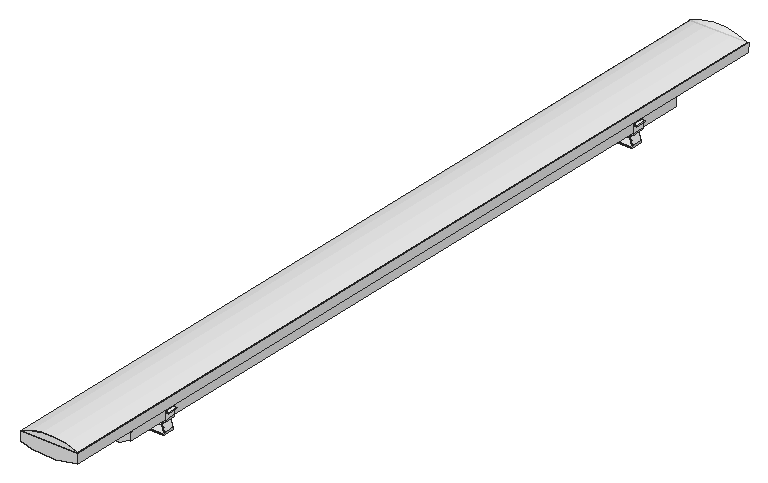
Revit family "Lighting-Industriale-GEWISS-SMART[3]PLUS-PLAFONIERA-LED-EMERGENZA_TRANSPARENTE_1600mm", category Apparecchi per illuminazione, host Superficie, Revit 2019
Family settings
  Host = Superficie
  Quota connettore circolare = Usa diametro
  Tipo di parte = Normale
  Taglio con vuoti quando caricato = No
  Sorgente d'illuminazione = No
  Condiviso = No
  Punto di calcolo locali = No
Parameters (values of type "GWS3325AT957 - SMART3 PLUS 1600 EMERG DT1+DT6 HE TRASP 9 57")
  Visibilità simbolo [instance] = yes
  Visibilità pianta [instance] = not(Visibilità simbolo)  # no
  Visibilità etichetta [instance] = yes
  Versione file RFA = "20.0"
  URL = "https://www.gewiss.com/it/it"
  Tipologia sorgente luminosa = "LED - Non sostituibile"
  Tipologia = ""
  Tipo alimentatore = ""
  Tensione = "220-240 V "
  Temperatura di utilizzo = "ND"
  Temperatura di funzionamento = "ND"
  Temperatura di colore: = "5700 K (CRI > 90)"
  Temperatura di colore = "5700 K (CRI > 90)"
  Schermo = "Trasparente"
  Scheda Tecnica = "https://www.gewiss.com/it/it/search?q=GWS3325AT957"
  SEO = "Plafoniera"
  Resistenza agli urti = "IK08"
  Potenza di sistema = "50 W"
  Peso (kg): = ""
  NÂ° LED (#) = ""
  Numero poli = 2
  Struttura = GRIGIO
  Stampa 1_200 = no
  Stampa 1_100 = not(Stampa 1_200)  # yes
  Spostamento_Y_etichetta [instance] = 0 mm
  Spostamento_Y_effettivo_etichetta [instance] = 1500 mm - Spostamento_Y_etichetta  # 1500 mm
  Spostamento_X_etichetta [instance] = 0 mm
  Spostamento_X_effettivo_etichetta [instance] = 1500 mm - Spostamento_X_etichetta  # 1500 mm
  Schermo. = Led Acceso
  Default Elevation = 1219.2 mm
  Produttore = "GEWISS S.p.A."
  Modello = "GWS3325AT957"
  Lunghezza Lampada = 1600 mm  # constant formula
  Lunghezza = "1600 mm"
  Lumen output (lm) = "5900"
  Lampada: = "LED"
  Lampada = "LED"
  LED LifeTime (L80B20) = ""
  LED Life time (L90B50) = ""
  LED Life time (L80B50) = ""
  LED Life time (L70) = ""
  Immagine tipo = GWS3258T30K.jpg
  IFC.TypeObject = ""
  IFC.ExportType = ""
  IFC.ExportAs = ""
  IDT = "e64a989e-ee90-4262-bf48-8a52b238cc43"
  IDF = "3367e788-7319-4524-bfc4-ced9b5314006"
  Grado di protezione = "IP66/IP69"
  Glow Wire Test = "850°C"
  Garanzia = "ND"
  Ganci = Alluminio
  Flusso nominale (lm) = ""
  Failure rate apparecchio (50.000h, Tq=25Â° C) = ""
  Failure rate apparecchio (35.000h, Tq=35Â° C) = ""
  Descrizione = "SMART3 PLUS 1600 EMERG DT1+DT6 HE TRASP 9 57"
  Creato da GEWISS S.p.A. = ""
  Commenti sul wattaggio = "53W"
  Codice Electrocod = "2434"
  Codice EAN = ""
  Classe isolamento = "II"
  Classe di efficienza LED integrati = "A ÷ A++"
  Catalogo Serie = "SMART[3] PLUS"
  Catalogo = "LIGHTING"
  Carico apparente = 53 VA
  COBie.Tagnumber = ""
  COBie.CreatedOn = ""
  COBie.CreatebBy = ""
  COBie.ComponentRegisterItemID = ""
  COBie.Component.TagNumber = ""
  COBie.Component.Space = ""
  COBie.Component.SerialNumber = ""
  COBie.Component.InstallationDate = ""
  COBie.Component.Description = ""
  COBie.Component.BarCode = ""
  Applicazione = "Interno"
  Apparecchio a ridotta temperatura superficiale = ""
Types (6, lengths in mm): name | Temperatura di colore: | Temperatura di colore | Scheda Tecnica | Modello | Lumen output (lm) | Immagine tipo | IDT | Descrizione | Commenti sul wattaggio | Carico apparente
  GWS3325AT840 - SMART3 PLUS 1600 EMERG DT1+DT6 HE TRASP 8 40 | "4000 K (CRI > 80)" | "4000 K (CRI > 80)" | "https://www.gewiss.com/it/it/search?q=GWS3325AT840" | "GWS3325AT840" | "7500" | GWS3158T.jpg | "e4e6eff0-7757-49de-8ca6-b3c7ac16ed84" | "SMART3 PLUS 1600 EMERG DT1+DT6 HE TRASP 8 40" | "26W" | 26 VA
  GWS3325AT857 - SMART3 PLUS 1600 EMERG DT1+DT6 HE TRASP 8 57 | "5700 K (CRI > 80)" | "5700 K (CRI > 80)" | "https://www.gewiss.com/it/it/search?q=GWS3325AT857" | "GWS3325AT857" | "7500" | GWS3158T30K.jpg | "d56ec35c-bc16-4ca2-9f2a-ffc0e6b0216e" | "SMART3 PLUS 1600 EMERG DT1+DT6 HE TRASP 8 57" | "26W" | 26 VA
  GWS3325AT930 - SMART3 PLUS 1600 EMERG DT1+DT6 HE TRASP 9 30 | "3000 K (CRI > 90)" | "3000 K (CRI > 90)" | "https://www.gewiss.com/it/it/search?q=GWS3325AT930" | "GWS3325AT930" | "5500" | GWS3158T57K.jpg | "4ff20301-8a43-4463-95b9-38cdd8bb85f8" | "SMART3 PLUS 1600 EMERG DT1+DT6 HE TRASP 9 30" | "26W" | 26 VA
  GWS3325AT940 - SMART3 PLUS 1600 EMERG DT1+DT6 HE TRASP 9 40 | "4000 K (CRI > 90)" | "4000 K (CRI > 90)" | "https://www.gewiss.com/it/it/search?q=GWS3325AT940" | "GWS3325AT940" | "5900" | GWS3258T.jpg | "88f268fe-a1e8-4018-91b3-4ea8187c4065" | "SMART3 PLUS 1600 EMERG DT1+DT6 HE TRASP 9 40" | "53W" | 53 VA
  GWS3325AT957 - SMART3 PLUS 1600 EMERG DT1+DT6 HE TRASP 9 57 | "5700 K (CRI > 90)" | "5700 K (CRI > 90)" | "https://www.gewiss.com/it/it/search?q=GWS3325AT957" | "GWS3325AT957" | "5900" | GWS3258T30K.jpg | "e64a989e-ee90-4262-bf48-8a52b238cc43" | "SMART3 PLUS 1600 EMERG DT1+DT6 HE TRASP 9 57" | "53W" | 53 VA
  GWS3325AT830 - SMART3 PLUS 1600 EMERG DT1+DT6 HE TRASP 8 30 | "3000 K (CRI > 80)" | "3000 K (CRI > 80)" | "https://www.gewiss.com/it/it/search?q=GWS3325AT830" | "GWS3325AT830" | "7100" | GWS3258T57K.jpg | "131b39ae-4fe3-42b2-9cae-5b48bbbc4f94" | "SMART3 PLUS 1600 EMERG DT1+DT6 HE TRASP 8 30" | "53W" | 53 VA
Reference planes
  plane 1 "Centro (Fronte/Retro)": y = 0
  plane 2: z = 0
  plane 3 "Centro (Sinistra/Destra)": x = 0
  plane 4: x = -1500
  plane 5: y = -1500
  plane 6: x = 0
  plane 7: y = 0
Forms (mm)
  Extrusion 1, solid, material "Alluminio" <- "Ganci", detail levels medium+fine
    sketch origin (0, 0, 0) x (1, 0, 0) y (0, 0, 1)
      loop
        arc (31.431, -0.002) -> (34.576, 1.589) -> (35.156, 5.066) r 3.903
        line (35.156, 5.066) -> (29.612, 23.211)
        arc (29.612, 23.211) -> (29.883, 24.381) -> (31.032, 24.73) r 1.2
        line (31.032, 24.73) -> (34.307, 23.974)
        arc (34.307, 23.974) -> (36.765, 24.53) -> (37.859, 26.8) r 2.9
        line (37.859, 26.8) -> (37.859, 38.8)
        arc (37.859, 38.8) -> (37.648, 39.694) -> (37.059, 40.4) r 2
        line (37.059, 40.4) -> (37.059, 42.71) -> (42.861, 40.598) -> (43.203, 41.538) -> (37.53, 43.603)
        arc (37.53, 43.603) -> (37.019, 43.613) -> (36.605, 43.311) r 0.8
        line (36.605, 43.311) -> (36.306, 26.139)
        arc (36.306, 26.139) -> (35.6, 25.444) -> (34.616, 25.34) r 1.5
        line (34.616, 25.34) -> (31.344, 26.095)
        arc (31.344, 26.095) -> (28.858, 25.335) -> (28.273, 22.802) r 2.6
        line (28.273, 22.802) -> (33.827, 4.636)
        arc (33.827, 4.636) -> (33.449, 2.415) -> (31.438, 1.4) r 2.5
        line (31.438, 1.4) -> (-31.437, 1.4)
        arc (-31.437, 1.4) -> (-33.449, 2.415) -> (-33.827, 4.636) r 2.5
        line (-33.827, 4.636) -> (-28.273, 22.802)
        arc (-28.273, 22.802) -> (-28.858, 25.335) -> (-31.344, 26.095) r 2.6
        line (-31.344, 26.095) -> (-34.616, 25.34)
        arc (-34.616, 25.34) -> (-35.6, 25.444) -> (-36.306, 26.139) r 1.5
        line (-36.306, 26.139) -> (-36.605, 43.311)
        arc (-36.605, 43.311) -> (-37.019, 43.613) -> (-37.53, 43.603) r 0.8
        line (-37.53, 43.603) -> (-43.203, 41.538) -> (-42.861, 40.598) -> (-37.059, 42.71) -> (-37.059, 40.4)
        arc (-37.059, 40.4) -> (-37.648, 39.694) -> (-37.859, 38.8) r 2
        line (-37.859, 38.8) -> (-37.859, 26.8)
        arc (-37.859, 26.8) -> (-36.765, 24.53) -> (-34.307, 23.974) r 2.9
        line (-34.307, 23.974) -> (-31.032, 24.73)
        arc (-31.032, 24.73) -> (-29.883, 24.381) -> (-29.612, 23.211) r 1.2
        line (-29.612, 23.211) -> (-35.156, 5.066)
        arc (-35.156, 5.066) -> (-34.576, 1.589) -> (-31.431, -0.002) r 3.903
        line (-31.431, -0.002) -> (31.431, -0.002)
    from 548.766 to 568.766
  Extrusion 2, solid, material "Alluminio" <- "Ganci", detail levels medium+fine
    sketch origin (0, 0, 0) x (1, 0, 0) y (0, 0, -1)
      loop
        line (31.431, 0.002) -> (-31.431, 0.002)
        arc (-31.431, 0.002) -> (-34.576, -1.589) -> (-35.156, -5.066) r 3.903
        line (-35.156, -5.066) -> (-29.612, -23.211)
        arc (-29.612, -23.211) -> (-29.883, -24.381) -> (-31.032, -24.73) r 1.2
        line (-31.032, -24.73) -> (-34.307, -23.974)
        arc (-34.307, -23.974) -> (-36.765, -24.53) -> (-37.859, -26.8) r 2.9
        line (-37.859, -26.8) -> (-37.859, -38.8)
        arc (-37.859, -38.8) -> (-37.648, -39.694) -> (-37.059, -40.4) r 2
        line (-37.059, -40.4) -> (-37.059, -42.71) -> (-42.861, -40.598) -> (-43.203, -41.538) -> (-37.53, -43.603)
        arc (-37.53, -43.603) -> (-37.019, -43.613) -> (-36.605, -43.311) r 0.8
        line (-36.605, -43.311) -> (-36.306, -26.139)
        arc (-36.306, -26.139) -> (-35.6, -25.444) -> (-34.616, -25.34) r 1.5
        line (-34.616, -25.34) -> (-31.344, -26.095)
        arc (-31.344, -26.095) -> (-28.858, -25.335) -> (-28.273, -22.802) r 2.6
        line (-28.273, -22.802) -> (-33.827, -4.636)
        arc (-33.827, -4.636) -> (-33.449, -2.415) -> (-31.437, -1.4) r 2.5
        line (-31.437, -1.4) -> (31.438, -1.4)
        arc (31.438, -1.4) -> (33.449, -2.415) -> (33.827, -4.636) r 2.5
        line (33.827, -4.636) -> (28.273, -22.802)
        arc (28.273, -22.802) -> (28.858, -25.335) -> (31.344, -26.095) r 2.6
        line (31.344, -26.095) -> (34.616, -25.34)
        arc (34.616, -25.34) -> (35.6, -25.444) -> (36.306, -26.139) r 1.5
        line (36.306, -26.139) -> (36.605, -43.311)
        arc (36.605, -43.311) -> (37.019, -43.613) -> (37.53, -43.603) r 0.8
        line (37.53, -43.603) -> (43.203, -41.538) -> (42.861, -40.598) -> (37.059, -42.71) -> (37.059, -40.4)
        arc (37.059, -40.4) -> (37.648, -39.694) -> (37.859, -38.8) r 2
        line (37.859, -38.8) -> (37.859, -26.8)
        arc (37.859, -26.8) -> (36.765, -24.53) -> (34.307, -23.974) r 2.9
        line (34.307, -23.974) -> (31.032, -24.73)
        arc (31.032, -24.73) -> (29.883, -24.381) -> (29.612, -23.211) r 1.2
        line (29.612, -23.211) -> (35.156, -5.066)
        arc (35.156, -5.066) -> (34.576, -1.589) -> (31.431, 0.002) r 3.903
    from 548.766 to 568.766
  Extrusion 3, solid, material "GRIGIO" <- "Struttura", detail levels medium+fine
    sketch origin (0, 0, 0) x (1, 0, 0) y (0, 0, 1)
      loop
        line (-36.331, 55.757) -> (-35.847, 28.018)
        arc (-35.847, 28.018) -> (-33.139, 27.27) -> (-30.416, 26.58) r 129.5
        arc (-30.416, 26.58) -> (-28.066, 25.76) -> (-25.915, 24.506) r 13
        arc (-25.915, 24.506) -> (-24.23, 23.324) -> (-22.521, 22.178) r 99.5
        arc (-22.521, 22.178) -> (-16.401, 19.063) -> (-9.748, 17.365) r 31.146
        line (-9.748, 17.365) -> (12.491, 17.365)
        arc (12.491, 17.365) -> (17.822, 19.098) -> (22.764, 21.745) r 31.646
        arc (22.764, 21.745) -> (24.509, 22.915) -> (26.228, 24.122) r 100
        arc (26.228, 24.122) -> (28.283, 25.313) -> (30.525, 26.095) r 12.5
        arc (30.525, 26.095) -> (33.437, 26.834) -> (36.332, 27.64) r 130
        line (36.332, 27.64) -> (36.824, 55.851)
        arc (36.824, 55.851) -> (24.914, 53.937) -> (12.909, 52.764) r 195.047
        line (12.909, 52.764) -> (-12.909, 52.764)
        arc (-12.909, 52.764) -> (-24.665, 53.905) -> (-36.331, 55.757) r 195.047
    from -650 to 650
  Extrusion 4, solid, material "GRIGIO" <- "Struttura", detail levels medium+fine
    sketch origin (0, 0, 0) x (1, 0, 0) y (0, 0, 1)
      loop
        line (54.725, 60.184) -> (55.177, 77.445) -> (-55.177, 77.445) -> (-54.725, 60.184)
        arc (-54.725, 60.184) -> (-34.019, 55.332) -> (-12.909, 52.764) r 195.047
        line (-12.909, 52.764) -> (12.909, 52.764)
        arc (12.909, 52.764) -> (34.019, 55.332) -> (54.725, 60.184) r 195.047
    from -800 to 800
  Extrusion 5, solid, material "Led Acceso" <- "Schermo.", detail levels medium+fine
    sketch origin (0, 0, 0) x (1, 0, 0) y (0, 0, 1)
      loop
        arc (54.697, 78.441) -> (-0.014, 90.457) -> (-54.723, 78.429) r 130.5
        arc (-54.723, 78.429) -> (-54.988, 77.838) -> (-54.5, 77.445) r 0.5
        line (-54.5, 77.445) -> (54.479, 77.445)
        arc (54.479, 77.445) -> (54.988, 77.855) -> (54.697, 78.441) r 0.522
    from -800 to 800
  Extrusion 6, solid, material "GRIGIO" <- "Struttura", detail levels coarse
    sketch origin (0, 0, 0) x (1, 0, 0) y (0, 0, 1)
      loop
        line (-54.5, 90.439) -> (-54.5, 0) -> (54.5, 0) -> (54.5, 90.439) -> (-54.5, 90.439)
    from -800 to 800
Lines and regions (mm)
  Masking region 1, visible <- "Visibilità pianta"
    outline origin (0, 0, 0) x (1, 0, 0) y (0, 1, 0)
      loop
        line (-55.177, 800) -> (-55.177, -800) -> (55.177, -800) -> (55.177, 800) -> (-55.177, 800)
  model lines, style "GEWISS - LIGHT 2D", not visible, detail levels medium+fine
    curve 1: arc (599.156, 237.359, 0) -> (604.568, 231.947, 0) -> (609.98, 237.359, 0) r 5.412
    curve 6: arc (581.804, 237.359, 0) -> (582.83, 230.601, 0) -> (585.816, 224.453, 0) r 22.764
    curve 7: arc (623.32, 224.453, 0) -> (626.306, 230.601, 0) -> (627.332, 237.359, 0) r 22.764
    curve 8: arc (609.98, -154.35, 0) -> (604.568, -148.937, 0) -> (599.156, -154.35, 0) r 5.412
    curve 14: arc (585.816, -141.444, 0) -> (582.83, -147.592, 0) -> (581.804, -154.35, 0) r 22.764
    curve 15: arc (627.332, -154.35, 0) -> (626.306, -147.592, 0) -> (623.32, -141.444, 0) r 22.764
    curve 22: line (581.804, 248.502, 0) -> (581.804, 237.359, 0)
    curve 23: line (581.804, 237.359, 0) -> (599.156, 237.359, 0)
    curve 24: line (599.156, 237.359, 0) -> (599.156, 248.502, 0)
    curve 25: line (599.156, 256.809, 0) -> (599.156, 262.193, 0)
    curve 26: line (609.98, 248.502, 0) -> (609.98, 237.359, 0)
    curve 27: line (609.98, 237.359, 0) -> (627.332, 237.359, 0)
    curve 28: line (627.332, 237.359, 0) -> (627.332, 248.502, 0)
    curve 39: line (581.804, -154.35, 0) -> (581.804, -165.498, 0)
    curve 40: line (581.804, -165.498, 0) -> (581.804, -154.35, 0)
    curve 41: line (581.804, -154.35, 0) -> (599.156, -154.35, 0)
    curve 42: line (599.156, -154.35, 0) -> (599.156, -165.498, 0)
    curve 43: line (609.98, -165.498, 0) -> (609.98, -154.35, 0)
    curve 44: line (609.98, -154.35, 0) -> (627.332, -154.35, 0)
    curve 45: line (627.332, -154.35, 0) -> (627.332, -165.498, 0)
    curve 46: line (627.332, -165.498, 0) -> (627.332, -154.35, 0)
    curve 47: line (609.98, -179.249, 0) -> (609.98, -173.749, 0)
    curve 50: line (599.156, -179.191, 0) -> (599.156, -173.807, 0)
    curve 94: circle (617.836, 259.501, 0) r 1.5 normal (0, 0, 1)
    curve 95: circle (591.836, 259.501, 0) r 1.5 normal (0, 0, 1)
    curve 96: arc (610.218, 256.751, 0) -> (612.968, 259.501, 0) -> (610.218, 262.251, 0) r 2.75
    curve 97: arc (599.718, 262.251, 0) -> (596.968, 259.501, 0) -> (599.718, 256.751, 0) r 2.75
    curve 102: circle (617.836, -176.499, 0) r 1.5 normal (0, 0, 1)
    curve 103: circle (591.836, -176.499, 0) r 1.5 normal (0, 0, 1)
    curve 104: arc (610.218, -179.249, 0) -> (612.968, -176.499, 0) -> (610.218, -173.749, 0) r 2.75
    curve 105: arc (599.718, -173.749, 0) -> (596.968, -176.499, 0) -> (599.718, -179.249, 0) r 2.75
    curve 184: line (599.718, 262.251, 0) -> (610.218, 262.251, 0)
    curve 185: line (599.718, 256.751, 0) -> (610.218, 256.751, 0)
    curve 194: line (599.718, -173.749, 0) -> (610.218, -173.749, 0)
    curve 195: line (599.718, -179.249, 0) -> (610.218, -179.249, 0)
    curve 214: line (604.568, 230.323, 0) -> (604.568, 244.394, 0)
    curve 215: line (611.603, 237.359, 0) -> (597.532, 237.359, 0)
    curve 216: line (604.568, -161.385, 0) -> (604.568, -147.314, 0)
    curve 217: line (611.603, -154.35, 0) -> (597.532, -154.35, 0)
    curve 223: line (617.836, 257.551, 0) -> (617.836, 261.451, 0)
    curve 224: line (619.786, 259.501, 0) -> (615.886, 259.501, 0)
    curve 225: line (591.836, 257.551, 0) -> (591.836, 261.451, 0)
    curve 226: line (593.786, 259.501, 0) -> (589.886, 259.501, 0)
    curve 227: line (603.293, 259.501, 0) -> (596.143, 259.501, 0)
    curve 228: line (610.218, 255.926, 0) -> (610.218, 263.076, 0)
    curve 229: line (613.793, 259.501, 0) -> (606.643, 259.501, 0)
    curve 230: line (617.836, -178.449, 0) -> (617.836, -174.549, 0)
    curve 231: line (619.786, -176.499, 0) -> (615.886, -176.499, 0)
    curve 232: line (591.836, -178.449, 0) -> (591.836, -174.549, 0)
    curve 233: line (593.786, -176.499, 0) -> (589.886, -176.499, 0)
    curve 234: line (599.718, -180.074, 0) -> (599.718, -172.924, 0)
    curve 235: line (603.293, -176.499, 0) -> (596.143, -176.499, 0)
    curve 236: line (610.218, -180.074, 0) -> (610.218, -172.924, 0)
    curve 237: line (613.793, -176.499, 0) -> (606.643, -176.499, 0)
    curve 238: arc (585.816, 224.453, 0) -> (604.568, 218.168, 0) -> (623.32, 224.453, 0) r 31.118
    curve 239: arc (623.32, -141.444, 0) -> (604.568, -135.159, 0) -> (585.816, -141.444, 0) r 31.118
  model lines, style "GEWISS - LIGHT 2D", not visible
    curve 2: arc (642.177, 315.223, 0) -> (641.755, 316.267, 0) -> (640.725, 316.723, 0) r 1.499
    curve 3: arc (640.726, -233.714, 0) -> (641.755, -233.258, 0) -> (642.177, -232.214, 0) r 1.499
    curve 4: arc (568.41, 316.723, 0) -> (567.381, 316.267, 0) -> (566.959, 315.223, 0) r 1.499
    curve 5: arc (566.959, -232.214, 0) -> (567.38, -233.258, 0) -> (568.409, -233.714, 0) r 1.499
    curve 16: line (568.41, 316.723, 0) -> (592.409, 317.119, 0)
    curve 17: line (592.409, 317.119, 0) -> (595.819, 317.196, 0)
    curve 18: line (595.819, 317.196, 0) -> (604.587, 317.348, 0)
    curve 19: line (604.587, 317.348, 0) -> (613.319, 317.196, 0)
    curve 20: line (613.319, 317.196, 0) -> (616.729, 317.119, 0)
    curve 21: line (616.729, 317.119, 0) -> (640.725, 316.723, 0)
    curve 29: line (568.409, -233.714, 0) -> (604.582, -234.348, 0)
    curve 30: line (604.582, -234.348, 0) -> (640.726, -233.714, 0)
    curve 31: line (642.177, -187.498, 0) -> (642.177, -232.214, 0)
    curve 32: line (642.177, 248.502, 0) -> (642.177, -165.498, 0)
    curve 33: line (642.177, 315.223, 0) -> (642.177, 270.502, 0)
    curve 34: line (566.959, 315.223, 0) -> (566.959, 270.502, 0)
    curve 35: line (566.959, 248.502, 0) -> (566.959, -165.498, 0)
    curve 36: line (566.959, -187.498, 0) -> (566.959, -232.214, 0)
    curve 37: line (604.549, -234.347, 0) -> (604.569, -233.348, 0)
    curve 38: line (604.569, -233.348, 0) -> (604.549, -234.347, 0)
    curve 48: line (609.989, -233.253, 0) -> (609.98, -232.753, 0)
    curve 49: line (609.98, -232.753, 0) -> (609.98, -187.498, 0)
    curve 51: line (599.147, -233.253, 0) -> (599.156, -232.753, 0)
    curve 52: line (599.156, -232.753, 0) -> (599.156, -187.498, 0)
    curve 53: line (604.568, -232.848, 0) -> (604.569, -233.348, 0)
    curve 54: line (604.569, -233.348, 0) -> (604.568, -232.848, 0)
    curve 69: arc (658.224, 441.447, 0) -> (657.902, 441.529, 0) -> (657.571, 441.558, 0) r 1.999
    curve 71: arc (659.744, 439.503, 0) -> (659.172, 440.906, 0) -> (657.781, 441.505, 0) r 1.998
    curve 72: arc (549.391, -356.494, 0) -> (549.963, -357.897, 0) -> (551.356, -358.495, 0) r 1.998
    curve 98: spline (648.539, 268.506, 0) -> (648.523, 268.767, 0) -> (648.475, 269.023, 0) -> (648.396, 269.27, 0) -> (648.287, 269.504, 0) -> (648.151, 269.721, 0) -> (647.989, 269.918, 0) -> (647.804, 270.09, 0) -> (647.599, 270.235, 0) -> (647.379, 270.35, 0) -> (647.146, 270.434, 0) -> (646.905, 270.485, 0) -> (646.66, 270.502, 0)
    curve 99: spline (646.66, 248.502, 0) -> (646.905, 248.519, 0) -> (647.146, 248.57, 0) -> (647.379, 248.654, 0) -> (647.599, 248.77, 0) -> (647.804, 248.916, 0) -> (647.989, 249.089, 0) -> (648.151, 249.286, 0) -> (648.287, 249.504, 0) -> (648.396, 249.739, 0) -> (648.475, 249.987, 0) -> (648.523, 250.245, 0) -> (648.539, 250.506, 0)
    curve 100: spline (561.397, 250.501, 0) -> (561.413, 250.24, 0) -> (561.461, 249.984, 0) -> (561.54, 249.736, 0) -> (561.648, 249.502, 0) -> (561.785, 249.284, 0) -> (561.947, 249.087, 0) -> (562.132, 248.915, 0) -> (562.336, 248.77, 0) -> (562.557, 248.654, 0) -> (562.79, 248.57, 0) -> (563.031, 248.519, 0) -> (563.276, 248.502, 0)
    curve 101: spline (563.276, 270.502, 0) -> (563.031, 270.485, 0) -> (562.79, 270.434, 0) -> (562.557, 270.35, 0) -> (562.336, 270.234, 0) -> (562.132, 270.089, 0) -> (561.947, 269.916, 0) -> (561.785, 269.72, 0) -> (561.648, 269.502, 0) -> (561.54, 269.267, 0) -> (561.461, 269.019, 0) -> (561.413, 268.763, 0) -> (561.397, 268.502, 0)
    curve 106: spline (648.539, -167.494, 0) -> (648.523, -167.233, 0) -> (648.475, -166.977, 0) -> (648.396, -166.73, 0) -> (648.287, -166.496, 0) -> (648.151, -166.279, 0) -> (647.989, -166.083, 0) -> (647.804, -165.911, 0) -> (647.599, -165.766, 0) -> (647.379, -165.65, 0) -> (647.146, -165.566, 0) -> (646.905, -165.515, 0) -> (646.66, -165.498, 0)
    curve 107: spline (646.66, -187.498, 0) -> (646.905, -187.481, 0) -> (647.146, -187.43, 0) -> (647.379, -187.346, 0) -> (647.599, -187.23, 0) -> (647.804, -187.084, 0) -> (647.989, -186.911, 0) -> (648.151, -186.714, 0) -> (648.287, -186.496, 0) -> (648.396, -186.261, 0) -> (648.475, -186.012, 0) -> (648.523, -185.755, 0) -> (648.539, -185.494, 0)
    curve 108: spline (561.397, -185.499, 0) -> (561.413, -185.76, 0) -> (561.461, -186.016, 0) -> (561.54, -186.264, 0) -> (561.648, -186.498, 0) -> (561.785, -186.716, 0) -> (561.947, -186.912, 0) -> (562.132, -187.085, 0) -> (562.336, -187.23, 0) -> (562.557, -187.346, 0) -> (562.79, -187.43, 0) -> (563.031, -187.481, 0) -> (563.276, -187.498, 0)
    curve 109: spline (563.276, -165.498, 0) -> (563.031, -165.516, 0) -> (562.79, -165.567, 0) -> (562.557, -165.651, 0) -> (562.336, -165.766, 0) -> (562.132, -165.912, 0) -> (561.947, -166.084, 0) -> (561.785, -166.281, 0) -> (561.648, -166.499, 0) -> (561.54, -166.733, 0) -> (561.461, -166.981, 0) -> (561.413, -167.238, 0) -> (561.397, -167.499, 0)
    curve 110: arc (657.245, -358.546, 0) -> (659.012, -357.814, 0) -> (659.745, -356.046, 0) r 2.5
    curve 111: arc (551.891, 441.558, 0) -> (550.123, 440.825, 0) -> (549.391, 439.058, 0) r 2.5
    curve 142: line (657.571, 441.558, 0) -> (604.567, 441.558, 0)
    curve 143: line (604.567, 441.558, 0) -> (551.891, 441.558, 0)
    curve 144: line (551.356, -358.495, 0) -> (604.568, -358.495, 0)
    curve 145: line (604.568, -358.495, 0) -> (657.245, -358.495, 0)
    curve 157: line (599.147, -233.253, 0) -> (604.569, -233.348, 0)
    curve 158: line (604.569, -233.348, 0) -> (609.989, -233.253, 0)
    curve 159: line (659.745, -356.046, 0) -> (659.745, 439.503, 0)
    curve 160: line (657.781, 441.505, 0) -> (604.567, 441.505, 0)
    curve 161: line (549.391, -356.494, 0) -> (549.391, 439.058, 0)
    curve 186: line (642.696, 270.501, 0) -> (642.427, 270.501, 0)
    curve 187: line (563.481, 270.502, 0) -> (563.276, 270.502, 0)
    curve 188: line (563.276, 270.502, 0) -> (646.454, 270.502, 0)
    curve 189: line (646.454, 270.502, 0) -> (646.66, 270.502, 0)
    curve 190: line (563.481, 248.502, 0) -> (563.276, 248.502, 0)
    curve 191: line (646.454, 248.502, 0) -> (646.66, 248.502, 0)
    curve 192: line (648.539, 250.506, 0) -> (648.539, 268.506, 0)
    curve 193: line (561.397, 250.501, 0) -> (561.397, 268.501, 0)
    curve 196: line (646.66, -165.498, 0) -> (646.454, -165.498, 0)
    curve 197: line (646.454, -165.498, 0) -> (642.696, -165.498, 0)
    curve 198: line (642.696, -165.498, 0) -> (642.427, -165.498, 0)
    curve 199: line (642.427, -165.498, 0) -> (639.905, -165.498, 0)
    curve 200: line (639.905, -165.498, 0) -> (636.805, -165.498, 0)
    curve 201: line (636.805, -165.498, 0) -> (573.13, -165.498, 0)
    curve 202: line (573.13, -165.498, 0) -> (570.031, -165.498, 0)
    curve 203: line (570.031, -165.498, 0) -> (567.508, -165.498, 0)
    curve 204: line (567.508, -165.498, 0) -> (567.24, -165.498, 0)
    curve 205: line (567.24, -165.498, 0) -> (563.481, -165.498, 0)
    curve 206: line (563.481, -165.498, 0) -> (563.276, -165.498, 0)
    curve 207: line (563.276, -187.498, 0) -> (563.481, -187.498, 0)
    curve 208: line (563.481, -187.498, 0) -> (646.454, -187.498, 0)
    curve 209: line (646.454, -187.498, 0) -> (646.66, -187.498, 0)
    curve 210: line (642.696, -187.499, 0) -> (642.427, -187.499, 0)
    curve 211: line (648.539, -185.494, 0) -> (648.539, -167.494, 0)
    curve 212: line (561.397, -185.499, 0) -> (561.397, -167.499, 0)
    curve 219: line (604.569, 276.529, 0) -> (604.569, -193.52, 0)
    curve 240: line (646.454, 248.502, 0) -> (563.276, 248.502, 0)
  model lines, style "GEWISS - LIGHT 2D", not visible, detail levels fine
    curve 9: arc (621.884, 350.407, 0) -> (621.798, 350.225, 0) -> (621.768, 350.027, 0) r 0.678
    curve 10: arc (622.621, 351.453, 0) -> (622.246, 350.935, 0) -> (621.884, 350.407, 0) r 25.107
    curve 11: arc (623.611, 352.703, 0) -> (623.106, 352.086, 0) -> (622.621, 351.453, 0) r 25.491
    curve 12: arc (626.634, 356.042, 0) -> (625.055, 354.434, 0) -> (623.611, 352.703, 0) r 27.8
    curve 13: arc (628.933, 357.976, 0) -> (627.762, 357.034, 0) -> (626.634, 356.042, 0) r 34.286
    curve 55: line (595.819, 317.196, 0) -> (595.819, 331.194, 0)
    curve 56: line (595.819, 331.194, 0) -> (595.823, 331.698, 0)
    curve 57: line (613.319, 317.196, 0) -> (613.319, 331.194, 0)
    curve 58: line (613.319, 331.194, 0) -> (613.315, 331.698, 0)
    curve 59: line (601.188, 333.427, 0) -> (595.819, 333.381, 0)
    curve 60: line (595.819, 333.381, 0) -> (592.551, 333.351, 0)
    curve 61: line (621.768, 349.976, 0) -> (621.768, 349.703, 0)
    curve 62: line (618.568, 339.703, 0) -> (618.568, 340.003, 0)
    curve 63: line (618.568, 340.003, 0) -> (618.568, 349.403, 0)
    curve 64: line (618.568, 349.403, 0) -> (618.568, 349.703, 0)
    curve 65: line (626.634, 356.042, 0) -> (625.666, 357.327, 0)
    curve 66: line (625.666, 357.327, 0) -> (625.303, 357.809, 0)
    curve 67: arc (615.276, 335.364, 0) -> (616.055, 336.638, 0) -> (614.919, 337.608, 0) r 1.15
    curve 68: arc (594.228, 337.608, 0) -> (593.084, 336.643, 0) -> (593.862, 335.364, 0) r 1.15
    curve 70: arc (618.493, 319.316, 0) -> (619.321, 319.921, 0) -> (619.181, 320.937, 0) r 1
    curve 73: arc (592.532, 331.227, 0) -> (592.389, 331.582, 0) -> (592.037, 331.731, 0) r 0.5
    curve 74: arc (617.101, 331.731, 0) -> (616.749, 331.582, 0) -> (616.606, 331.227, 0) r 0.5
    curve 75: arc (617.805, 349.703, 0) -> (617.188, 349.635, 0) -> (616.597, 349.441, 0) r 3
    curve 76: arc (606.569, 342.058, 0) -> (605.632, 343.753, 0) -> (603.698, 343.859, 0) r 2
    curve 77: arc (599.084, 344.854, 0) -> (601.221, 343.569, 0) -> (603.698, 343.859, 0) r 3.86
    curve 78: arc (598.376, 346.791, 0) -> (598.558, 345.76, 0) -> (599.084, 344.854, 0) r 3
    curve 79: arc (605.757, 349.962, 0) -> (611.115, 348.406, 0) -> (616.597, 349.441, 0) r 12
    curve 80: arc (622.068, 349.403, 0) -> (621.98, 349.615, 0) -> (621.768, 349.703, 0) r 0.3
    curve 81: arc (620.003, 351.317, 0) -> (619.679, 350.57, 0) -> (619.569, 349.763, 0) r 3
    curve 82: arc (603.144, 334.726, 0) -> (600.795, 328.007, 0) -> (607.888, 327.419, 0) r 4.5
    curve 83: arc (603.144, 334.726, 0) -> (605.626, 336.549, 0) -> (606.569, 339.481, 0) r 5
    curve 84: arc (602.226, 350.998, 0) -> (599.524, 350.005, 0) -> (598.376, 347.367, 0) r 3.66
    curve 85: arc (605.757, 349.962, 0) -> (604.052, 350.686, 0) -> (602.226, 350.998, 0) r 8
    curve 86: arc (621.772, 339.703, 0) -> (621.999, 339.807, 0) -> (622.068, 340.048, 0) r 0.3
    curve 87: arc (618.568, 339.703, 0) -> (617.972, 339.652, 0) -> (617.393, 339.5, 0) r 3.5
    curve 88: arc (617.393, 339.5, 0) -> (612.456, 336.19, 0) -> (609.712, 330.917, 0) r 12
    curve 89: arc (607.888, 327.419, 0) -> (609.019, 329.054, 0) -> (609.712, 330.917, 0) r 8
    curve 90: arc (620.895, 352.703, 0) -> (620.493, 352.099, 0) -> (620.105, 351.485, 0) r 29.999
    curve 91: arc (625.281, 357.788, 0) -> (623.014, 355.448, 0) -> (621.015, 352.877, 0) r 30
    curve 92: arc (627.608, 359.734, 0) -> (626.431, 358.8, 0) -> (625.303, 357.809, 0) r 29.995
    curve 93: circle (604.569, 330.458, 0) r 2.1 normal (0, 0, 1)
    curve 112: line (589.422, 320.458, 0) -> (589.069, 320.811, 0)
    curve 113: line (589.069, 320.811, 0) -> (589.069, 322.709, 0)
    curve 114: line (589.069, 322.709, 0) -> (589.069, 323.958, 0)
    curve 115: line (589.069, 323.958, 0) -> (589.422, 323.958, 0)
    curve 116: line (589.422, 323.958, 0) -> (590.069, 323.958, 0)
    curve 117: line (590.069, 323.958, 0) -> (590.069, 324.958, 0)
    curve 118: line (590.069, 324.958, 0) -> (589.422, 324.958, 0)
    curve 119: line (589.422, 324.958, 0) -> (589.069, 324.958, 0)
    curve 120: line (589.069, 324.958, 0) -> (589.069, 328.104, 0)
    curve 121: line (589.069, 328.104, 0) -> (589.422, 328.458, 0)
    curve 122: line (589.422, 324.958, 0) -> (589.422, 328.458, 0)
    curve 123: line (589.422, 328.458, 0) -> (591.069, 328.458, 0)
    curve 124: line (591.069, 328.458, 0) -> (591.069, 322.54, 0)
    curve 125: line (591.069, 322.54, 0) -> (591.069, 320.458, 0)
    curve 126: line (591.069, 320.458, 0) -> (589.422, 320.458, 0)
    curve 127: line (589.422, 320.458, 0) -> (589.422, 322.54, 0)
    curve 128: line (589.422, 322.54, 0) -> (589.422, 323.958, 0)
    curve 129: line (606.208, 337.608, 0) -> (602.469, 337.608, 0)
    curve 130: line (602.469, 337.608, 0) -> (599.469, 337.608, 0)
    curve 131: line (599.469, 337.608, 0) -> (596.069, 337.608, 0)
    curve 132: line (596.069, 337.608, 0) -> (594.228, 337.608, 0)
    curve 133: line (606.469, 338.477, 0) -> (606.569, 341.457, 0)
    curve 134: line (606.469, 341.458, 0) -> (602.469, 341.458, 0)
    curve 135: line (602.469, 341.458, 0) -> (599.469, 341.458, 0)
    curve 136: line (599.469, 341.458, 0) -> (596.519, 341.458, 0)
    curve 137: line (596.519, 341.458, 0) -> (594.919, 341.458, 0)
    curve 138: line (594.919, 341.458, 0) -> (593.969, 341.458, 0)
    curve 139: line (593.969, 341.458, 0) -> (593.969, 337.58, 0)
    curve 140: line (614.019, 337.651, 0) -> (614.969, 337.606, 0)
    curve 141: line (614.969, 337.606, 0) -> (614.969, 338.32, 0)
    curve 146: line (604.55, 335.458, 0) -> (595.819, 335.382, 0)
    curve 147: line (595.819, 335.382, 0) -> (592.569, 335.353, 0)
    curve 148: line (592.569, 335.353, 0) -> (592.551, 333.351, 0)
    curve 149: line (616.587, 333.351, 0) -> (616.569, 335.353, 0)
    curve 150: line (616.569, 335.353, 0) -> (613.319, 335.381, 0)
    curve 151: line (613.319, 335.381, 0) -> (611.803, 335.395, 0)
    curve 152: line (592.515, 329.208, 0) -> (591.069, 329.208, 0)
    curve 153: line (591.069, 329.208, 0) -> (591.069, 319.708, 0)
    curve 154: line (591.069, 319.708, 0) -> (592.432, 319.708, 0)
    curve 155: line (618.493, 319.316, 0) -> (616.711, 319.145, 0)
    curve 156: line (616.667, 324.145, 0) -> (619.181, 320.937, 0)
    curve 162: line (610.544, 333.306, 0) -> (613.388, 333.281, 0)
    curve 163: line (613.388, 333.281, 0) -> (618.088, 333.24, 0)
    curve 164: line (618.088, 333.24, 0) -> (618.088, 331.74, 0)
    curve 165: line (618.088, 331.74, 0) -> (613.388, 331.699, 0)
    curve 166: line (613.388, 331.699, 0) -> (609.914, 331.668, 0)
    curve 167: line (600.232, 331.66, 0) -> (595.75, 331.699, 0)
    curve 168: line (595.75, 331.699, 0) -> (591.05, 331.74, 0)
    curve 169: line (591.05, 331.74, 0) -> (591.05, 333.24, 0)
    curve 170: line (591.05, 333.24, 0) -> (595.75, 333.281, 0)
    curve 171: line (595.75, 333.281, 0) -> (601.102, 333.328, 0)
    curve 172: line (592.409, 317.119, 0) -> (592.532, 331.227, 0)
    curve 173: line (616.729, 317.119, 0) -> (616.606, 331.227, 0)
    curve 174: line (621.768, 349.703, 0) -> (618.568, 349.703, 0)
    curve 175: line (618.568, 349.703, 0) -> (617.805, 349.703, 0)
    curve 176: line (606.569, 342.058, 0) -> (606.569, 339.481, 0)
    curve 177: line (598.376, 347.367, 0) -> (598.376, 346.791, 0)
    curve 178: line (618.568, 339.703, 0) -> (621.772, 339.703, 0)
    curve 179: line (622.068, 349.403, 0) -> (622.068, 340.048, 0)
    curve 180: line (620.002, 351.317, 0) -> (620.086, 351.453, 0)
    curve 181: line (621.015, 352.877, 0) -> (620.895, 352.703, 0)
    curve 182: line (628.933, 357.976, 0) -> (627.969, 359.255, 0)
    curve 183: line (627.969, 359.255, 0) -> (627.608, 359.734, 0)
    curve 213: line (589.258, 324.458, 0) -> (591.233, 324.458, 0)
    curve 218: line (592.659, 324.458, 0) -> (590.924, 324.458, 0)
    curve 220: line (604.569, 327.728, 0) -> (604.569, 333.188, 0)
    curve 221: line (607.299, 330.458, 0) -> (601.839, 330.458, 0)
    curve 222: line (618.568, 350.343, 0) -> (618.568, 339.063, 0)
  model lines, style "GEWISS - LIGHT 2D", not visible, detail levels coarse
    curve 241: arc (515.447, 800, 0) -> (513.679, 799.268, 0) -> (512.947, 797.5, 0) r 2.5
    curve 242: line (623.301, 800, 0) -> (515.447, 800, 0)
    curve 243: line (512.947, -800, 0) -> (623.301, -800, 0)
    curve 244: line (623.301, -800, 0) -> (623.301, 800, 0)
    curve 245: line (512.947, -800, 0) -> (512.947, 797.5, 0)
    curve 246: line (568.125, 575.964, 0) -> (568.125, -769.036, 0)
    curve 248: arc (515.447, -800, 0) -> (513.679, -799.268, 0) -> (512.947, -797.5, 0) r 2.5
  model lines, style "GEWISS - LIGHT 2D", detail levels coarse
    curve 247: arc (-52.678, -188.779, 0) -> (-54.446, -188.047, 0) -> (-55.178, -186.279, 0) r 2.5
Dimensions and locks
  plane 4 to plane 3 "Centro (Sinistra/Destra)" = 1500 mm
  "Spostamento_X_effettivo_etichetta": plane 4 to plane 6
  "Spostamento_Y_effettivo_etichetta": plane 7 to plane 5
  plane 1 "Centro (Fronte/Retro)" to plane 5 = 1500 mm
  aligned and locked: plane 2 to host face
  aligned and locked: level to host face
  aligned and locked: Masking region 1 sketch curve to Extrusion 4  (x3)
  aligned and locked: plane 6 to nested 1
  aligned and locked: nested 1 to plane 7
  aligned and locked: nested 2 to plane 1 "Centro (Fronte/Retro)"
  aligned and locked: plane 3 "Centro (Sinistra/Destra)" to nested 2
Automatic sketch dimensions
  host sketch curve to host sketch curve = 2438.4 mm  (x2)
  Extrusion 1 sketch curve to Extrusion 1 sketch curve = 0 mm  (x28)
  Extrusion 1 sketch curve to plane 3 "Centro (Sinistra/Destra)" = 43.203 mm
  level to Extrusion 1 sketch curve = 40.598 mm
  Extrusion 1 sketch curve to Extrusion 1 sketch curve = 0.342 mm  (x2)
  Extrusion 1 sketch curve to Extrusion 1 sketch curve = 5.002 mm  (x2)
  Extrusion 1 sketch curve to Extrusion 1 sketch curve = 0.329 mm
  Extrusion 1 sketch curve to Extrusion 1 sketch curve = 0.271 mm  (x2)
  Extrusion 1 sketch curve to Extrusion 1 sketch curve = 0.8 mm  (x2)
  Extrusion 1 sketch curve to Extrusion 1 sketch curve = 0.454 mm  (x2)
  Extrusion 1 sketch curve to Extrusion 1 sketch curve = 1.554 mm
  Extrusion 1 sketch curve to Extrusion 1 sketch curve = 2 mm
  level to Extrusion 1 sketch curve = 5.066 mm  (x2)
  Extrusion 1 sketch curve to Extrusion 1 sketch curve = 1.15 mm
  Extrusion 1 sketch curve to Extrusion 1 sketch curve = 1.346 mm  (x2)
  Extrusion 1 sketch curve to Extrusion 1 sketch curve = 0.343 mm  (x2)
  level to Extrusion 1 sketch curve = 4.636 mm  (x2)
  Extrusion 1 sketch curve to Extrusion 1 sketch curve = 1.329 mm  (x2)
  level to Extrusion 1 sketch curve = 1.4 mm
  Extrusion 1 sketch curve to Extrusion 1 sketch curve = 2.389 mm  (x2)
  Extrusion 1 sketch curve to Extrusion 1 sketch curve = 0.007 mm  (x2)
  Extrusion 1 sketch curve to Extrusion 1 sketch curve = 3.584 mm  (x2)
  Extrusion 1 sketch curve to Extrusion 1 sketch curve = 0.273 mm  (x2)
  plane 3 "Centro (Sinistra/Destra)" to Extrusion 1 sketch curve = 30.759 mm
  Extrusion 1 sketch curve to level = 0.002 mm
  Extrusion 1 sketch curve to Extrusion 1 sketch curve = 0.672 mm
  Extrusion 1 sketch curve to Extrusion 1 sketch curve = 0.9 mm
  level to Extrusion 1 sketch curve = 26.139 mm
  Extrusion 1 sketch curve to Extrusion 1 sketch curve = 0.746 mm
  Extrusion 1 sketch curve to Extrusion 1 sketch curve = 0.2 mm
  Extrusion 1 sketch curve to Extrusion 1 sketch curve = 2.577 mm
  Extrusion 1 sketch curve to Extrusion 1 sketch curve = 18.496 mm
  Extrusion 1 sketch curve to Extrusion 1 sketch curve = 1.169 mm  (x2)
  Extrusion 1 sketch curve to Extrusion 1 sketch curve = 0.799 mm  (x2)
  Extrusion 1 sketch curve to Extrusion 1 sketch curve = 0.609 mm
  Extrusion 1 sketch curve to Extrusion 1 sketch curve = 1.798 mm  (x2)
  Extrusion 1 sketch curve to Extrusion 1 sketch curve = 12 mm
  Extrusion 1 sketch curve to Extrusion 1 sketch curve = 0.94 mm  (x2)
  Extrusion 1 sketch curve to Extrusion 1 sketch curve = 0.14 mm  (x2)
  Extrusion 1 sketch curve to Extrusion 1 sketch curve = 0.309 mm  (x2)
  Extrusion 1 sketch curve to Extrusion 1 sketch curve = 0.312 mm  (x2)
  Extrusion 1 sketch curve to Extrusion 1 sketch curve = 1.148 mm  (x2)
  Extrusion 1 sketch curve to Extrusion 1 sketch curve = 1.339 mm
  Extrusion 1 sketch curve to Extrusion 1 sketch curve = 2.486 mm
  Extrusion 1 sketch curve to Extrusion 1 sketch curve = 0.409 mm  (x2)
  Extrusion 2 sketch curve to Extrusion 2 sketch curve = 0 mm  (x28)
  Extrusion 2 sketch curve to plane 3 "Centro (Sinistra/Destra)" = 43.203 mm
  level to Extrusion 2 sketch curve = 40.598 mm
  Extrusion 2 sketch curve to Extrusion 2 sketch curve = 0.342 mm  (x2)
  Extrusion 2 sketch curve to Extrusion 2 sketch curve = 5.002 mm  (x2)
  Extrusion 2 sketch curve to Extrusion 2 sketch curve = 0.329 mm
  Extrusion 2 sketch curve to Extrusion 2 sketch curve = 0.271 mm  (x2)
  Extrusion 2 sketch curve to Extrusion 2 sketch curve = 0.8 mm  (x2)
  Extrusion 2 sketch curve to Extrusion 2 sketch curve = 0.454 mm  (x2)
  Extrusion 2 sketch curve to Extrusion 2 sketch curve = 1.554 mm
  Extrusion 2 sketch curve to Extrusion 2 sketch curve = 2 mm
  level to Extrusion 2 sketch curve = 5.066 mm  (x2)
  Extrusion 2 sketch curve to Extrusion 2 sketch curve = 1.15 mm
  Extrusion 2 sketch curve to Extrusion 2 sketch curve = 1.346 mm  (x2)
  Extrusion 2 sketch curve to Extrusion 2 sketch curve = 0.343 mm  (x2)
  level to Extrusion 2 sketch curve = 4.636 mm  (x2)
  Extrusion 2 sketch curve to Extrusion 2 sketch curve = 1.329 mm  (x2)
  level to Extrusion 2 sketch curve = 1.4 mm
  Extrusion 2 sketch curve to Extrusion 2 sketch curve = 2.389 mm  (x2)
  Extrusion 2 sketch curve to Extrusion 2 sketch curve = 0.007 mm  (x2)
  Extrusion 2 sketch curve to Extrusion 2 sketch curve = 3.584 mm  (x2)
  Extrusion 2 sketch curve to Extrusion 2 sketch curve = 0.273 mm  (x2)
  plane 3 "Centro (Sinistra/Destra)" to Extrusion 2 sketch curve = 30.759 mm
  Extrusion 2 sketch curve to level = 0.002 mm
  Extrusion 2 sketch curve to Extrusion 2 sketch curve = 0.672 mm
  Extrusion 2 sketch curve to Extrusion 2 sketch curve = 0.9 mm
  level to Extrusion 2 sketch curve = 26.139 mm
  Extrusion 2 sketch curve to Extrusion 2 sketch curve = 0.746 mm
  Extrusion 2 sketch curve to Extrusion 2 sketch curve = 0.2 mm
  Extrusion 2 sketch curve to Extrusion 2 sketch curve = 14.46 mm
  Extrusion 2 sketch curve to Extrusion 2 sketch curve = 0.94 mm  (x2)
  Extrusion 2 sketch curve to Extrusion 2 sketch curve = 0.14 mm  (x2)
  Extrusion 2 sketch curve to Extrusion 2 sketch curve = 2.31 mm  (x2)
  Extrusion 2 sketch curve to Extrusion 2 sketch curve = 12 mm
  Extrusion 2 sketch curve to Extrusion 2 sketch curve = 0.661 mm  (x2)
  Extrusion 2 sketch curve to Extrusion 2 sketch curve = 0.609 mm  (x2)
  Extrusion 2 sketch curve to Extrusion 2 sketch curve = 1.169 mm  (x2)
  Extrusion 2 sketch curve to Extrusion 2 sketch curve = 0.309 mm  (x2)
  Extrusion 2 sketch curve to Extrusion 2 sketch curve = 0.312 mm  (x2)
  Extrusion 2 sketch curve to Extrusion 2 sketch curve = 1.148 mm  (x2)
  Extrusion 2 sketch curve to Extrusion 2 sketch curve = 1.339 mm
  Extrusion 2 sketch curve to Extrusion 2 sketch curve = 2.486 mm
  Extrusion 2 sketch curve to Extrusion 2 sketch curve = 1.365 mm  (x2)
  Extrusion 3 sketch curve to plane 3 "Centro (Sinistra/Destra)" = 36.331 mm
  Extrusion 3 sketch curve to Extrusion 3 sketch curve = 0.484 mm
  Extrusion 3 sketch curve to Extrusion 3 sketch curve = 2.34 mm
  Extrusion 3 sketch curve to plane 3 "Centro (Sinistra/Destra)" = 32.068 mm
  Extrusion 3 sketch curve to plane 3 "Centro (Sinistra/Destra)" = 12.909 mm
  Extrusion 3 sketch curve to plane 3 "Centro (Sinistra/Destra)" = 9.748 mm
  Extrusion 3 sketch curve to plane 3 "Centro (Sinistra/Destra)" = 5.421 mm
  Extrusion 3 sketch curve to plane 3 "Centro (Sinistra/Destra)" = 0.057 mm
  Extrusion 3 sketch curve to plane 3 "Centro (Sinistra/Destra)" = 0.007 mm
  Extrusion 3 sketch curve to plane 3 "Centro (Sinistra/Destra)" = 0.001 mm
  plane 3 "Centro (Sinistra/Destra)" to Extrusion 3 sketch curve = 0.057 mm
  plane 3 "Centro (Sinistra/Destra)" to Extrusion 3 sketch curve = 5.412 mm
  plane 3 "Centro (Sinistra/Destra)" to Extrusion 3 sketch curve = 12.491 mm
  Extrusion 3 sketch curve to Extrusion 3 sketch curve = 7.496 mm
  plane 3 "Centro (Sinistra/Destra)" to Extrusion 3 sketch curve = 32.059 mm
  Extrusion 3 sketch curve to Extrusion 3 sketch curve = 21.008 mm
  Extrusion 3 sketch curve to Extrusion 3 sketch curve = 2.833 mm
  Extrusion 3 sketch curve to Extrusion 3 sketch curve = 23.916 mm
  level to Extrusion 3 sketch curve = 13.953 mm  (x2)
  level to Extrusion 3 sketch curve = 17.365 mm  (x2)
  Extrusion 3 sketch curve to Extrusion 3 sketch curve = 13.687 mm
  Extrusion 3 sketch curve to Extrusion 3 sketch curve = 14.064 mm
  Extrusion 3 sketch curve to Extrusion 3 sketch curve = 30.844 mm
  Extrusion 3 sketch curve to Extrusion 3 sketch curve = 0 mm  (x3)
  Extrusion 3 sketch curve to Extrusion 3 sketch curve = 4.555 mm
  Extrusion 3 sketch curve to Extrusion 3 sketch curve = 2.993 mm
  Extrusion 3 sketch curve to Extrusion 3 sketch curve = 3.087 mm
  Extrusion 3 sketch curve to Extrusion 3 sketch curve = 49.52 mm
  Extrusion 3 sketch curve to Extrusion 3 sketch curve = 49.615 mm
  Extrusion 3 sketch curve to Extrusion 3 sketch curve = 47.089 mm
  Extrusion 3 sketch curve to Extrusion 3 sketch curve = 5.431 mm
  Extrusion 3 sketch curve to Extrusion 3 sketch curve = 4.5 mm
  Extrusion 3 sketch curve to Extrusion 3 sketch curve = 10.273 mm
  Extrusion 3 sketch curve to Extrusion 3 sketch curve = 3.465 mm
  Extrusion 3 sketch curve to Extrusion 3 sketch curve = 4.297 mm
  Extrusion 4 sketch curve to plane 3 "Centro (Sinistra/Destra)" = 55.177 mm
  Extrusion 4 sketch curve to Extrusion 4 sketch curve = 0.452 mm  (x2)
  Extrusion 4 sketch curve to plane 3 "Centro (Sinistra/Destra)" = 12.909 mm
  Extrusion 4 sketch curve to plane 3 "Centro (Sinistra/Destra)" = 0.057 mm
  plane 3 "Centro (Sinistra/Destra)" to Extrusion 4 sketch curve = 0.057 mm
  plane 3 "Centro (Sinistra/Destra)" to Extrusion 4 sketch curve = 12.909 mm
  Extrusion 4 sketch curve to Extrusion 4 sketch curve = 41.816 mm
  level to Extrusion 4 sketch curve = 52.764 mm
  Extrusion 4 sketch curve to Extrusion 4 sketch curve = 7.42 mm  (x2)
  Extrusion 4 sketch curve to Extrusion 4 sketch curve = 17.262 mm
  Extrusion 5 sketch curve to plane 3 "Centro (Sinistra/Destra)" = 0 mm
  Extrusion 5 sketch curve to plane 3 "Centro (Sinistra/Destra)" = 54.5 mm
  plane 3 "Centro (Sinistra/Destra)" to Extrusion 5 sketch curve = 54.479 mm
  Extrusion 5 sketch curve to level = 40.043 mm
  level to Extrusion 5 sketch curve = 77.445 mm
  Extrusion 5 sketch curve to Extrusion 5 sketch curve = 0.5 mm
  Extrusion 5 sketch curve to Extrusion 5 sketch curve = 0.522 mm
  Extrusion 5 sketch curve to Extrusion 5 sketch curve = 0.21 mm
  Extrusion 5 sketch curve to Extrusion 5 sketch curve = 0.014 mm
  Extrusion 5 sketch curve to Extrusion 5 sketch curve = 0 mm
  Extrusion 6 sketch curve to level = 0 mm
  Extrusion 6 sketch curve to plane 3 "Centro (Sinistra/Destra)" = 54.5 mm
  plane 3 "Centro (Sinistra/Destra)" to Extrusion 6 sketch curve = 54.5 mm
  Extrusion 6 sketch curve to Extrusion 6 sketch curve = 90.439 mm
  curve 247 to plane 3 "Centro (Sinistra/Destra)" = 52.678 mm
  plane 1 "Centro (Fronte/Retro)" to curve 247 = 186.279 mm
  curve 247 to curve 247 = 2.5 mm
  Masking region 1 sketch curve to plane 1 "Centro (Fronte/Retro)" = 800 mm
Nested families
  nested 1: "ETICHETTA WATTAGGIO" at (0, 0, 0), visible <- "Visibilità etichetta", type "ETICHETTA WATTAGGIO"
  nested 2: "SMART 3 PLAFONIERE LED TRASPARENTI 1600 mm_Simbolo" at (0, 0, 0) x (0, 1, 0) z (0, 0, 1), visible <- "Visibilità simbolo", type "SMART 3 PLAFONIERE LED TRASPARENTI 1600 mm_Simbolo"
Connectors
  electrical at (0, 0, 0), driven by "Carico apparente", driven by "Numero poli"
    settings: on Masking region 1, index 1, voltage 230 V, apparent load 0 VA, apparent load phase1 53 VA, apparent load phase2 0 VA, apparent load phase3 0 VA, power factor 1, load classification "Illuminazione", number of poles 2, system type 31, power factor state 1, is connector primary yes, connector utility no, sub classification motor no, connector description ""
Definition of nested family "ETICHETTA WATTAGGIO"
  Parameters (values of type "ETICHETTA WATTAGGIO")
    GW - Potenza di sistema = ""
    GW - Numero LED = ""
    COMMENTI = "13W"
    1_200 = no
    1_100 = yes
  Reference planes
    plane 1: y = 0
    plane 2: x = 0
  Text (mm)
    label "GW - Potenza di sistema\nGW - Numero LED LED" at (-0.057, -0.214, 0), shows "GW - Potenza di sistema", "GW - Numero LED", visible <- "1_100"
    label "GW - Potenza di sistema\nGW - Numero LED LED " at (-0.057, -0.214, 0), shows "GW - Potenza di sistema", "GW - Numero LED", visible <- "1_200"
Definition of nested family "SMART 3 PLAFONIERE LED TRASPARENTI 1600 mm_Simbolo"
  Reference planes
    plane 1 "Centro (Fronte/Retro)": y = 0
    plane 2: z = 0
    plane 3 "Centro (Sinistra/Destra)": x = 0
  Lines and regions (mm)
    detail lines, in view "Livello rif."
      curve 1: line (-647.881, 0, 0) -> (-52.881, 0, 0)
      curve 2: line (700, -84.286, 0) -> (-700, -84.286, 0)
      curve 3: line (-700, -84.286, 0) -> (-700, 84.286, 0)
      curve 4: line (-700, 84.286, 0) -> (700, 84.286, 0)
      curve 5: line (700, 84.286, 0) -> (700, -84.286, 0)
      curve 6: line (30.063, -41.294, 0) -> (-52.881, 0, 0)
      curve 7: line (-52.881, 0, 0) -> (30.063, 41.791, 0)
      curve 8: line (30.063, 41.791, 0) -> (30.063, -41.294, 0)
      curve 9: line (-52.881, 41.543, 0) -> (-52.881, -41.543, 0)
      curve 10: line (647.881, 0, 0) -> (52.881, 0, 0)
